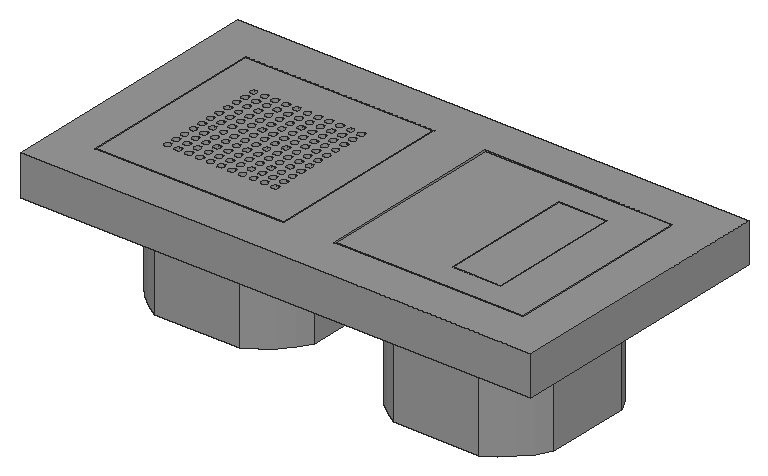
Revit family "Gira_228005", category Electrical Fixtures, host Face, Revit 2017
Family settings
  Host = Face
  Maintain Annotation Orientation = Yes
  Round Connector Dimension = Use Diameter
  Part Type = Normal
  Cut with Voids When Loaded = No
  Shared = No
  Room Calculation Point = No
Parameters (values of type "RDS FM radio speaker System 55 black gl.appear.")
  URL = "http://katalog.gira.de/en/datenblatt.html?artikelnr=228005"
  Type of fastening = "Mounting with claw and screw"
  Transparent = "No"
  Surface protection = "Other"
  Surface finishing = "Glossy"
  Name = "RDS FM radio speaker System 55 black gl.appear."
  Mounting method = "Flush mounted (plaster)"
  Model = "Radio"
  Material quality = "Other"
  Material = "Other"
  Manufacturer URL = "https://www.gira.de/"
  Manufacturer = "Gira"
  Keynote = ""
  HeinzeBIM = "https://bimportal.heinze.de/bim/rds-fm-radio-speaker-system-55-black-gl-appear-/7d92f1dbd3bebf48e689007f537ff563bd5200c2"
  Halogen free = "No"
  HAN = "228005"
  GTIN = "4010337889175"
  Description = "RDS FM radio spk. Sys55 BKGLA,RDS flush-mounted radio with a speaker,Operating top unit in black glass appearance,Black glass appearance,Features:,- FM radio with RDS display for flush-mounted installation.,- The RDS flush-mounted radio consists of a radio insert with operating top unit and speaker insert with cover.,- The radio insert is compactly mounted in a flush-mounted insert and can therefore be installed in a single device box.,- The speaker can be installed in combination with the radio insert or offset in a device box. Two loudspeakers can be connected to the radio insert.,- The radio automatically detects connected speakers and switches between stereo and mono mode.,- With a corresponding RDS signal, the display of the operating top unit shows the station name, the transmission frequency and the time.,- Operation of the radio is using the capacitive buttons of the operating top unit. Operation only requires a light touching of the symbols.,- The RDS flush-mounted radio has two station presets, upon each of which a station setting can simply be saved and called up with the button actuation.,- For example, the radio can be switched on via the auxiliary input with a light switch or automatic control switch together with the room lighting.,- External audio sources, for example an MP3 player, can be connected to the radio via the stereo AUX input of the radio. For connection to the external audio source, an additional phono insert is required which is connected to the AUX terminals of the radio insert.,- The docking station insert is connected directly to the stereo AUX input for music playback.,- In sleep mode the radio switches off automatically 30 minutes after switching on.,,Notes :,- Reception interference can result in combination with additional electronic devices under one cover plate."
  Default Elevation = 1219.2 mm
  Data sheet (1) = "https://katalog.gira.de/en/download.html?artikelnr=228005"
  Colour = "Black"
  Category = "Electronic insert for domestic switching devices"
  BIM (1) = "https://media.stage.bim.site/public/gira/36a6b08/Sys55_Komplettgerät_UP-Radio.rfa?public/gira/36a6b08/Sys55_Komplettgerät_UP-Radio.rfa"
  Available = "No"
  Assembly arrangement = "Basic element"
Reference planes
  plane 1 "Center (Front/Back)": y = 0
  plane 2 "Reference Level 0": z = 0
  plane 3 "Center (Left/Right)": x = 0
  plane 4 "Reference Level 1": z = 11.9
Forms (mm)
  Extrusion 1, solid, material "White", detail levels medium+fine
    sketch origin (0, 0, 0) x (1, 0, 0) y (0, 1, 0)
      loop
        line (-75.892, 40.342) -> (-75.892, -40.342) -> (75.892, -40.342) -> (75.892, 40.342) -> (-75.892, 40.342)
      loop
        line (-7.45, 28.1) -> (-63.65, 28.1) -> (-63.65, -28.1) -> (-7.45, -28.1) -> (-7.45, 28.1)
      loop
        line (7.45, 28.1) -> (7.45, -28.1) -> (63.65, -28.1) -> (63.65, 28.1) -> (7.45, 28.1)
    from 0 to 11.9
  Extrusion 2, solid, material "White", detail levels fine
    sketch origin (0, 0, 0) x (1, 0, 0) y (0, 1, 0)
      loop
        circle (-19.55, 16) r 1
      loop
        circle (-22.75, 16) r 1
      loop
        circle (-25.95, 16) r 1
      loop
        circle (-29.15, 16) r 1
      loop
        circle (-32.35, 16) r 1
      loop
        circle (-35.55, 16) r 1
      loop
        circle (-38.75, 16) r 1
      loop
        circle (-41.95, 16) r 1
      loop
        circle (-45.15, 16) r 1
      loop
        circle (-48.35, 16) r 1
      loop
        circle (-51.55, 16) r 1
      loop
        circle (-19.55, 12.8) r 1
      loop
        circle (-22.75, 12.8) r 1
      loop
        circle (-25.95, 12.8) r 1
      loop
        circle (-29.15, 12.8) r 1
      loop
        circle (-32.35, 12.8) r 1
      loop
        circle (-35.55, 12.8) r 1
      loop
        circle (-38.75, 12.8) r 1
      loop
        circle (-41.95, 12.8) r 1
      loop
        circle (-45.15, 12.8) r 1
      loop
        circle (-48.35, 12.8) r 1
      loop
        circle (-51.55, 12.8) r 1
      loop
        circle (-19.55, 9.6) r 1
      loop
        circle (-22.75, 9.6) r 1
      loop
        circle (-25.95, 9.6) r 1
      loop
        circle (-29.15, 9.6) r 1
      loop
        circle (-32.35, 9.6) r 1
      loop
        circle (-35.55, 9.6) r 1
      loop
        circle (-38.75, 9.6) r 1
      loop
        circle (-41.95, 9.6) r 1
      loop
        circle (-45.15, 9.6) r 1
      loop
        circle (-48.35, 9.6) r 1
      loop
        circle (-51.55, 9.6) r 1
      loop
        circle (-19.55, 6.4) r 1
      loop
        circle (-22.75, 6.4) r 1
      loop
        circle (-25.95, 6.4) r 1
      loop
        circle (-29.15, 6.4) r 1
      loop
        circle (-32.35, 6.4) r 1
      loop
        circle (-35.55, 6.4) r 1
      loop
        circle (-38.75, 6.4) r 1
      loop
        circle (-41.95, 6.4) r 1
      loop
        circle (-45.15, 6.4) r 1
      loop
        circle (-48.35, 6.4) r 1
      loop
        circle (-51.55, 6.4) r 1
      loop
        circle (-19.55, 3.2) r 1
      loop
        circle (-22.75, 3.2) r 1
      loop
        circle (-25.95, 3.2) r 1
      loop
        circle (-29.15, 3.2) r 1
      loop
        circle (-32.35, 3.2) r 1
      loop
        circle (-35.55, 3.2) r 1
      loop
        circle (-38.75, 3.2) r 1
      loop
        circle (-41.95, 3.2) r 1
      loop
        circle (-45.15, 3.2) r 1
      loop
        circle (-48.35, 3.2) r 1
      loop
        circle (-51.55, 3.2) r 1
      loop
        circle (-19.55, 0) r 1
      loop
        circle (-22.75, 0) r 1
      loop
        circle (-25.95, 0) r 1
      loop
        circle (-29.15, 0) r 1
      loop
        circle (-32.35, 0) r 1
      loop
        circle (-35.55, 0) r 1
      loop
        circle (-38.75, 0) r 1
      loop
        circle (-41.95, 0) r 1
      loop
        circle (-45.15, 0) r 1
      loop
        circle (-48.35, 0) r 1
      loop
        circle (-51.55, 0) r 1
      loop
        circle (-19.55, -3.2) r 1
      loop
        circle (-22.75, -3.2) r 1
      loop
        circle (-25.95, -3.2) r 1
      loop
        circle (-29.15, -3.2) r 1
      loop
        circle (-32.35, -3.2) r 1
      loop
        circle (-35.55, -3.2) r 1
      loop
        circle (-38.75, -3.2) r 1
      loop
        circle (-41.95, -3.2) r 1
      loop
        circle (-45.15, -3.2) r 1
      loop
        circle (-48.35, -3.2) r 1
      loop
        circle (-51.55, -3.2) r 1
      loop
        circle (-19.55, -6.4) r 1
      loop
        circle (-22.75, -6.4) r 1
      loop
        circle (-25.95, -6.4) r 1
      loop
        circle (-29.15, -6.4) r 1
      loop
        circle (-32.35, -6.4) r 1
      loop
        circle (-35.55, -6.4) r 1
      loop
        circle (-38.75, -6.4) r 1
      loop
        circle (-41.95, -6.4) r 1
      loop
        circle (-45.15, -6.4) r 1
      loop
        circle (-48.35, -6.4) r 1
      loop
        circle (-51.55, -6.4) r 1
      loop
        circle (-19.55, -9.6) r 1
      loop
        circle (-22.75, -9.6) r 1
      loop
        circle (-25.95, -9.6) r 1
      loop
        circle (-29.15, -9.6) r 1
      loop
        circle (-32.35, -9.6) r 1
      loop
        circle (-35.55, -9.6) r 1
      loop
        circle (-38.75, -9.6) r 1
      loop
        circle (-41.95, -9.6) r 1
      loop
        circle (-45.15, -9.6) r 1
      loop
        circle (-48.35, -9.6) r 1
      loop
        circle (-51.55, -9.6) r 1
      loop
        circle (-19.55, -12.8) r 1
      loop
        circle (-22.75, -12.8) r 1
      loop
        circle (-25.95, -12.8) r 1
      loop
        circle (-29.15, -12.8) r 1
      loop
        circle (-32.35, -12.8) r 1
      loop
        circle (-35.55, -12.8) r 1
      loop
        circle (-38.75, -12.8) r 1
      loop
        circle (-41.95, -12.8) r 1
      loop
        circle (-45.15, -12.8) r 1
      loop
        circle (-48.35, -12.8) r 1
      loop
        circle (-51.55, -12.8) r 1
      loop
        circle (-19.55, -16) r 1
      loop
        circle (-22.75, -16) r 1
      loop
        circle (-25.95, -16) r 1
      loop
        circle (-29.15, -16) r 1
      loop
        circle (-32.35, -16) r 1
      loop
        circle (-35.55, -16) r 1
      loop
        circle (-38.75, -16) r 1
      loop
        circle (-41.95, -16) r 1
      loop
        circle (-45.15, -16) r 1
      loop
        circle (-48.35, -16) r 1
      loop
        circle (-51.55, -16) r 1
      loop
        line (-63.25, 27.7) -> (-63.25, -27.7) -> (-7.85, -27.7) -> (-7.85, 27.7) -> (-63.25, 27.7)
    from 0 to 11.9
  Extrusion 3, solid, material "White", detail levels fine
    sketch origin (0, 0, 0) x (1, 0, 0) y (0, 1, 0)
      loop
        line (7.95, 27.7) -> (7.95, -27.7) -> (63.35, -27.7) -> (63.35, 27.7) -> (7.95, 27.7)
      loop
        line (35.999, -19.679) -> (50.301, -19.679) -> (50.229, 19.679) -> (36.071, 19.679) -> (35.999, -19.679)
    from 0 to 11.9
  Extrusion 4, solid, material "White", detail levels fine
    sketch origin (0, 0, 0) x (1, 0, 0) y (0, 1, 0)
      loop
        line (35.999, -19.679) -> (50.301, -19.679) -> (50.229, 19.679) -> (36.071, 19.679) -> (35.999, -19.679)
    from 0 to 11.9
  Extrusion 5, solid, material "White", detail levels medium
    sketch origin (0, 0, 0) x (1, 0, 0) y (0, 1, 0)
      loop
        line (-63.65, 28.1) -> (-63.65, -28.1) -> (-7.45, -28.1) -> (-7.45, 28.1) -> (-63.65, 28.1)
    from 0 to 11.9
  Extrusion 6, solid, material "White", detail levels medium
    sketch origin (0, 0, 0) x (1, 0, 0) y (0, 1, 0)
      loop
        line (7.45, 28.1) -> (7.45, -28.1) -> (63.65, -28.1) -> (63.65, 28.1) -> (7.45, 28.1)
    from 0 to 11.9
  Extrusion 7, solid, material "Grey", detail levels fine
    sketch origin (0, 0, 0) x (1, 0, 0) y (0, 1, 0)
      loop
        arc (10.55, -12.61) -> (15.751, -19.799) -> (22.94, -25) r 28
        line (22.94, -25) -> (48.16, -25)
        arc (48.16, -25) -> (55.349, -19.799) -> (60.55, -12.61) r 28
        line (60.55, -12.61) -> (60.55, 12.61)
        arc (60.55, 12.61) -> (55.349, 19.799) -> (48.16, 25) r 28
        line (48.16, 25) -> (22.94, 25)
        arc (22.94, 25) -> (15.751, 19.799) -> (10.55, 12.61) r 28
        line (10.55, 12.61) -> (10.55, -12.61)
    from 0 to -31.7
  Extrusion 8, solid, material "Grey", detail levels fine
    sketch origin (0, 0, 0) x (-1, 0, 0) y (0, -1, 0)
      loop
        line (10.55, 12.61) -> (10.55, -12.61)
        arc (10.55, -12.61) -> (15.751, -19.799) -> (22.94, -25) r 28
        line (22.94, -25) -> (48.16, -25)
        arc (48.16, -25) -> (55.349, -19.799) -> (60.55, -12.61) r 28
        line (60.55, -12.61) -> (60.55, 12.61)
        arc (60.55, 12.61) -> (55.349, 19.799) -> (48.16, 25) r 28
        line (48.16, 25) -> (22.94, 25)
        arc (22.94, 25) -> (15.751, 19.799) -> (10.55, 12.61) r 28
    from 0 to -28
  Extrusion 9, solid, detail levels medium
    sketch origin (0, 0, 0) x (-1, 0, 0) y (0, -1, 0)
      loop
        line (10.55, 25) -> (10.55, -25) -> (60.55, -25) -> (60.55, 25) -> (10.55, 25)
    from 0 to -28
  Extrusion 10, solid, detail levels medium
    sketch origin (0, 0, 0) x (1, 0, 0) y (0, 1, 0)
      loop
        line (10.55, -25) -> (60.55, -25) -> (60.55, 25) -> (10.55, 25) -> (10.55, -25)
    from 0 to -31.7
  Extrusion 11, solid, material "Grey", detail levels coarse
    sketch origin (0, 0, 0) x (1, 0, 0) y (0, 1, 0)
      loop
        line (-75.892, 40.342) -> (-75.892, -40.342) -> (75.892, -40.342) -> (75.892, 40.342) -> (-75.892, 40.342)
    from -31.7 to 11.9
Cuts and joins
  joined: Extrusion 7, Extrusion 8
  joined: Extrusion 9, Extrusion 10
Dimensions and locks
  aligned and locked: plane 2 "Reference Level 0" to host face
  aligned and locked: level to host face
Nested families
  nested 1: "Radio Beschriftung" at (0, 0, 0) x (0, 1, 0) z (0, 0, 1), type "Radio Beschriftung"
Connectors
  electrical at (-35.55, 0, -28)
    settings: on cut or joined group of Extrusion 7, Extrusion 8, index 1, voltage 220 V, apparent load 0 VA, apparent load phase1 0 VA, apparent load phase2 0 VA, apparent load phase3 0 VA, power factor 1, load classification "Other", number of poles 1, system type 31, power factor state 1, is connector primary yes, connector utility no, sub classification motor no, connector description ""
Definition of nested family "Radio Beschriftung"
  Reference planes
    plane 1: y = 0
    plane 2: x = 0
  Lines and regions (mm)
    detail lines
      curve 1: line (0, 1, 0) -> (3, 1, 0)
      curve 2: line (0, -1, 0) -> (0, 1, 0)
      curve 3: line (3, -1, 0) -> (0, -1, 0)
      curve 4: line (3, 1, 0) -> (3, -1, 0)
      curve 5: line (2, 1, 0) -> (2, -1, 0)
      curve 6: line (3, 1, 0) -> (2, 0.49, 0)
      curve 7: line (3, -1, 0) -> (2, -0.49, 0)
  Dimensions and locks
    curve 2 to curve 4 = 3 mm
    curve 3 to curve 1 = 2 mm
